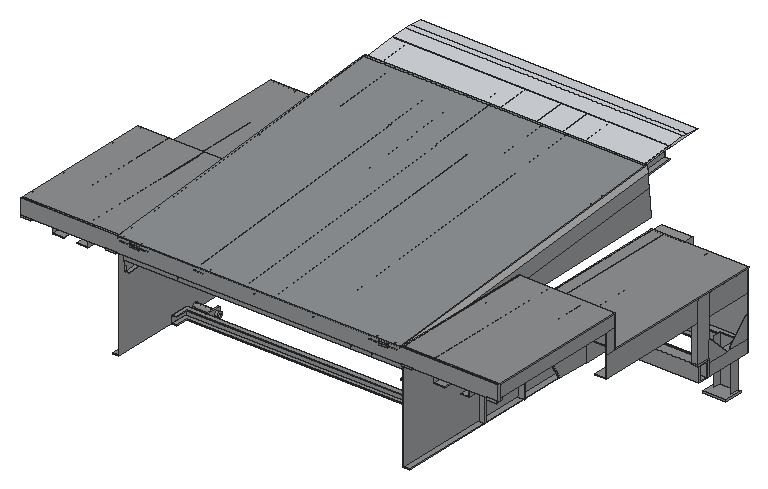
Revit family "ASSA_ABLOY_DockLeveler_DL6120STA", category Mechanical Equipment, Revit 2019
Family settings
  Round Connector Dimension = Use Diameter
  Classification = None
  Part Type = Normal
  Work Plane-Based = No
  Always vertical = Yes
  Cut with Voids When Loaded = No
  Shared = No
  Room Calculation Point = No
Parameters (values of type "DL6120STA_LipSteelLL500")
  WarningLipType [instance] = and(Tapered100OptionS, Tapered150OptionSS)  # no
  Tapered150OptionSS [instance] = no
  Tapered100OptionS [instance] = no
  SupportDistance [instance] = if(and(NominalWidth = 3300 mm, LevelerWidth = 2000 mm), 200 mm, if(and(NominalWidth = 3300 mm, LevelerWidth = 2200 mm), 250 mm, if(and(NominalWidth = 3500 mm, LevelerWidth = 2000 mm), 225 mm, if(and(NominalWidth = 3500 mm, LevelerWidth = 2200 mm), 210 mm, if(and(NominalWidth = 3600 mm, LevelerWidth = 2000 mm), 225 mm, 200 mm)))))  # 200 mm
  RubberBuffer [instance] = yes
  RestingPosition [instance] = no
  OptionForNominalWidth [instance] = "3300, 3500, 3600, 3750"  # constant formula
  OptionForLevelerWidth [instance] = "2000, 2200"  # constant formula
  OptionForDockHeight [instance] = "1100 To 1500, Every 50mm"  # constant formula
  NominalWidthWanted [instance] = 3750 mm
  NominalWidth [instance] = if(NominalWidthWanted < 3400 mm, 3300 mm, if(NominalWidthWanted < 3550 mm, 3500 mm, if(NominalWidthWanted < 3675 mm, 3600 mm, 3750 mm)))  # 3750 mm
  NominalLengthWanted [instance] = 2450 mm  # constant formula
  NominalLength [instance] = if(NominalLengthWanted < 2225 mm, 2000 mm, if(NominalLengthWanted < 2725 mm, 2450 mm, 3000 mm))  # 2450 mm
  LipType = DL6120STA_LevelerTop : DL6120STA_LipSteelLL500
  LipLocation [instance] = DockHeight - 8 mm  # 1092 mm
  LevelerWidthWanted [instance] = 2200 mm
  LevelerWidth [instance] = if(LevelerWidthWanted < 2100 mm, 2000 mm, 2200 mm)  # 2200 mm
  LevelerHeight [instance] = 850 mm  # constant formula
  LTwoUPNHeight [instance] = 400 mm  # constant formula
  LThirtyOne [instance] = if(and(NominalWidth = 3300 mm, LevelerWidth = 2000 mm), 535 mm, if(and(NominalWidth = 3300 mm, LevelerWidth = 2200 mm), 435 mm, if(and(NominalWidth = 3500 mm, LevelerWidth = 2000 mm), 635 mm, if(and(NominalWidth = 3500 mm, LevelerWidth = 2200 mm), 535 mm, if(and(NominalWidth = 3600 mm, LevelerWidth = 2000 mm), 685 mm, 585 mm)))))  # 585 mm
  LTen [instance] = if(LevelerWidth = 2000 mm, 360 mm, 400 mm)  # 400 mm
  LNine [instance] = if(LevelerWidth = 2000 mm, 873 mm, 973 mm)  # 973 mm
  LElevenHeight [instance] = 190 mm  # constant formula
  L1PlinthAngle [instance] = if(NominalLength = 2450 mm, 2480 mm, 3040 mm)  # 2480 mm
  L1Plinth [instance] = if(NominalLength = 2000 mm, 1860 mm, if(NominalLength = 2450 mm, 2300 mm, 2860 mm))  # 2300 mm
  Iron [instance] = Iron leveller
  InstallationAngleWanted [instance] = 45.00°
  InstallationAngleToBuilding [instance] = no
  InstallationAngleRight [instance] = if(InstallationAngle = 150.00°, 30.00°, if(InstallationAngle = 135.00°, 45.00°, if(InstallationAngle = 120.00°, 60.00°, if(InstallationAngle = 105.00°, 75.00°, 85.00°))))  # 85.00°
  InstallationAngleLeft [instance] = if(InstallationAngleWanted < 31.00°, 30.00°, if(InstallationAngleWanted < 46.00°, 45.00°, if(InstallationAngleWanted < 61.00°, 60.00°, if(InstallationAngleWanted < 76.00°, 75.00°, 85.00°))))  # 45.00°
  InstallationAngle [instance] = if(InstallationAngleWanted < 31.00°, 30.00°, if(InstallationAngleWanted < 46.00°, 45.00°, if(InstallationAngleWanted < 61.00°, 60.00°, if(InstallationAngleWanted < 76.00°, 75.00°, if(InstallationAngleWanted < 106.00°, 105.00°, if(InstallationAngleWanted < 121.00°, 120.00°, if(InstallationAngleWanted < 136.00°, 135.00°, if(InstallationAngleWanted < 136.00°, 135.00°, 90.00°))))))))  # 45.00°
  FrameCylinderSupportLocation [instance] = 745 mm  # constant formula
  ExtraSideSupport [instance] = NominalLength = 3000 mm  # no
  DockHeightWanted [instance] = 1100 mm
  DockHeight [instance] = if(DockHeightWanted < 1125 mm, 1100 mm, if(DockHeightWanted < 1175 mm, 1150 mm, if(DockHeightWanted < 1225 mm, 1200 mm, if(DockHeightWanted < 1275 mm, 1250 mm, if(DockHeightWanted < 1325 mm, 1300 mm, if(DockHeightWanted < 1325 mm, 1350 mm, if(DockHeightWanted < 1425 mm, 1400 mm, if(DockHeightWanted < 1475 mm, 1450 mm, 1500 mm))))))))  # 1100 mm
  DistanceSupport [instance] = 350 mm  # constant formula
  DistanceReferencePlaneAngle [instance] = if(InstallationAngleLeft = 90.00°, 0 mm, 20 mm)  # 20 mm
  DL6120STA_LipSteel500 = DL6120STA_LevelerTop : DL6120STA_LipSteelLL500
  DL6120STA_LipSteel1000 = DL6120STA_LevelerTop : DL6120STA_LipSteelLL1000
  DL6120STA_LipErgoSteel345 = DL6120STA_LevelerTop : DL6120STA_LipErgoSteelLL345
  CentreFront [instance] = (LElevenHeight + 120 mm - 5 mm)  # 305 mm
  BetweenPlinth [instance] = if(NominalWidth = 3300 mm, 2950 mm, if(NominalWidth = 3500 mm, 3150 mm, if(NominalWidth = 3600 mm, 3250 mm, 3400 mm)))  # 3400 mm
  BelowDeckLevel [instance] = not(AboveDeckLevel)  # no
  BSix [instance] = if(and(NominalWidth = 3300 mm, LevelerWidth = 2000 mm), 250 mm, if(and(NominalWidth = 3500 mm, LevelerWidth = 2000 mm), 280 mm, if(and(NominalWidth = 3500 mm, LevelerWidth = 2200 mm), 220 mm, if(and(NominalWidth = 3600 mm, LevelerWidth = 2000 mm), 280 mm, if(and(NominalWidth = 3600 mm, LevelerWidth = 2200 mm), 250 mm, if(and(NominalWidth = 3750 mm, LevelerWidth = 2000 mm), 320 mm, if(and(NominalWidth = 3750 mm, LevelerWidth = 2200 mm), 280 mm, 200 mm)))))))  # 280 mm
  BFive [instance] = if(and(NominalWidth = 3300 mm, LevelerWidth = 2000 mm), 200 mm, if(and(NominalWidth = 3300 mm, LevelerWidth = 2200 mm), 250 mm, if(and(NominalWidth = 3500 mm, LevelerWidth = 2000 mm), 225 mm, if(and(NominalWidth = 3500 mm, LevelerWidth = 2200 mm), 210 mm, if(and(NominalWidth = 3600 mm, LevelerWidth = 2000 mm), 225 mm, if(and(NominalWidth = 3600 mm, LevelerWidth = 2200 mm), 200 mm, if(and(NominalWidth = 3750 mm, LevelerWidth = 2000 mm), 280 mm, if(and(NominalWidth = 3750 mm, LevelerWidth = 2200 mm), 250 mm, 200 mm))))))))  # 250 mm
  AnglePlateRight [instance] = and(InstallationAngleToBuilding, InstallationAngle > 90.00°)  # no
  AnglePlateLeft [instance] = and(InstallationAngleToBuilding, InstallationAngle < 90.00°)  # no
  AboveDeckLevel [instance] = yes
Reference planes
  plane 1 "Front": y = 0
  plane 2 "Ground": z = 0
  plane 3 "Center (Left/Right)": x = 0
  plane 4: x = 1100
  plane 5: x = -1100
  plane 6 "Right": x = 1875
  plane 7 "Left": x = -1875
  plane 8 "Back": y = -2450
  plane 9: y = -2470
  plane 10: x = -1865
  plane 11: x = -1110
  plane 12: x = 1865
  plane 13: x = 1110
  plane 14: z = 380
  plane 15: y = -389
  plane 16: y = -489
  plane 17: x = 1865
  plane 18: x = 1110
  plane 19: x = -1865
  plane 20: x = -1110
  plane 21 "DoorHeight": z = 1100
  plane 22 "LevelerHeight": z = 250
  plane 23: z = 1094
  plane 24: y = -433
  plane 25: z = 12
  plane 26: y = -75
  plane 27: y = -2440
  plane 28: y = -1695
  plane 29: y = -2440
  plane 30: y = -2440
  plane 31: z = 282.5
  plane 32: y = -2440
  plane 33: z = 282.5
  plane 34: y = -2430
  plane 35: y = -2430
  plane 36: y = -2430
  plane 37: x = -1865
  plane 38: x = 1865
  plane 39: y = -2435
  plane 40: x = -1860
  plane 41: x = -1780
  plane 42: x = 1860
  plane 43: x = 1780
  plane 44: x = -1195
  plane 45: x = 1195
  plane 46: z = 1072.522
  plane 47: y = -2418.883
  plane 48: z = 1072.522
  plane 49: z = 1072.522
  plane 50: x = 950
  plane 51: z = 1072.522
  plane 52: x = -950
  plane 53: z = 1072.522
  plane 54: x = 991
  plane 55: z = 1072.543
  plane 56: x = -991
  plane 57: z = 1072.522
  plane 58: y = -1695
  plane 59: y = -2440
  plane 60: y = -1309
  plane 61: y = -1695
  plane 62: y = -1309
  plane 63: y = -2440
  plane 64: x = -1005.5
  plane 65: x = 1240.5
  plane 66: z = 725
  plane 67: z = 475
  plane 68: x = -1240.5
  plane 69: z = 725
  plane 70: z = 475
  plane 71: y = -150
  plane 72: x = 1700
  plane 73: x = -1700
  plane 74: x = -1350
  plane 75: x = -1640
  plane 76: x = 1640
  plane 77: x = -1350
  plane 78: x = -1630
  plane 79: x = 1630
  plane 80: x = 1350
  plane 81: y = -2630
  plane 82 "FrontLevelerHeight": z = 850
  plane 83: z = 844
  plane 84: z = 844
  plane 85: z = 844
  plane 86: z = 844
  plane 87: z = 674
  plane 88 "1300": y = -1300
  plane 89: x = -1865
  plane 90: x = -1110
  plane 91: x = 1865
  plane 92: x = 1110
  plane 93: y = -2440
  plane 94: y = -6
  plane 95: y = -2440
  plane 96: x = -1640
  plane 97: x = 1640
  plane 98: x = -1200
  plane 99: x = -1480
  plane 100: x = 1450
  plane 101: x = 1170
  plane 102: x = -1640
  plane 103: x = 1640
  plane 104: x = -1200
  plane 105: x = -1350
  plane 106: x = -1630
  plane 107: x = -1350
  plane 108: x = 1350
  plane 109: x = 1630
  plane 110: x = 1350
  plane 111: y = -1306
  plane 112: y = -1306
  plane 113: x = 1106
  plane 114: y = -489
  plane 115: x = -1859
  plane 116: x = -1110
  plane 117: x = 1859
  plane 118: x = 1110
  plane 119: y = -2430
  plane 120: z = 1474.217
Forms (mm)
  Extrusion 1, solid, material "Iron leveller" <- "Iron", visible <- "AnglePlateLeft"
    sketch origin (0, 0, 0) x (1, 0, 0) y (0, 1, 0)
      loop
        line (-1875, -2470) -> (1875, -6220) -> (1875, -2470) -> (-1875, -2470)
    from 1094 to 1100
  Sweep 2, solid, material "Iron leveller" <- "Iron"
    path origin (0, 0, 0) x (1, 0, 0) y (0, 1, 0)
      loop
        line (-1100, -1300) -> (-1100, -2430)
    profile origin (-1100, -1865, 0) x (1, 0, 0) y (0, 0, 1)
      loop
        line (-765, 1100) -> (-765, 1094) -> (-10, 1094) -> (-10, 1100) -> (-765, 1100)
      loop
        line (2210, 1100) -> (2210, 1094) -> (2965, 1094) -> (2965, 1100) -> (2210, 1100)
  Sweep 3, solid, material "Iron leveller" <- "Iron"
    path origin (0, 0, 0) x (1, 0, 0) y (0, 1, 0)
      loop
        line (0, -1300) -> (0, -2430)
    profile origin (0, -1865, 0) x (1, 0, 0) y (0, 0, 1)
      loop
        line (1110, 1094) -> (1110, 250) -> (1160, 250) -> (1160, 254) -> (1114, 254) -> (1114, 1094) -> (1110, 1094)
      loop
        line (-1110, 1094) -> (-1114, 1094) -> (-1114, 254) -> (-1160, 254) -> (-1160, 250) -> (-1110, 250) -> (-1110, 1094)
  Sweep 4, solid, material "Iron leveller" <- "Iron"
    path origin (0, 0, 0) x (1, 0, 0) y (0, 0, 1)
      loop
        line (0, 844) -> (0, 380)
    profile origin (0, 0, 612) x (0, -1, 0) y (1, 0, 0)
      loop
        line (389, 1110) -> (489, 1110) -> (489, 1160) -> (483, 1160) -> (483, 1116) -> (395, 1116) -> (395, 1160) -> (389, 1160) -> (389, 1110)
      loop
        line (389, 1865) -> (389, 1815) -> (395, 1815) -> (395, 1859) -> (483, 1859) -> (483, 1815) -> (489, 1815) -> (489, 1865) -> (389, 1865)
      loop
        line (389, -1110) -> (389, -1160) -> (395, -1160) -> (395, -1116) -> (483, -1116) -> (483, -1160) -> (489, -1160) -> (489, -1110) -> (389, -1110)
      loop
        line (389, -1865) -> (489, -1865) -> (489, -1815) -> (483, -1815) -> (483, -1859) -> (395, -1859) -> (395, -1815) -> (389, -1815) -> (389, -1865)
  Sweep 5, solid, material "Iron leveller" <- "Iron"
    path origin (0, 0, 0) x (1, 0, 0) y (0, 0, 1)
      loop
        line (-1865, 250) -> (1865, 250)
    profile origin (0, 0, 250) x (0, 0, 1) y (0, -1, 0)
      loop
        line (120, 399) -> (120, 479) -> (0, 479) -> (0, 399) -> (120, 399)
      loop
        line (115, 404) -> (115, 474) -> (5, 474) -> (5, 404) -> (115, 404)
  Sweep 6, solid, material "Iron leveller" <- "Iron"
    path origin (0, 0, 0) x (0, 1, 0) y (0, 0, 1)
      loop
        line (-433, 380) -> (-433, 370)
    profile origin (0, -433, 375) x (1, 0, 0) y (0, 1, 0)
      loop
        line (-1865, 44) -> (-1865, -56) -> (-1815, -56) -> (-1815, 44) -> (-1865, 44)
      loop
        line (-1160, 44) -> (-1160, -56) -> (-1110, -56) -> (-1110, 44) -> (-1160, 44)
      loop
        line (1110, 44) -> (1110, -56) -> (1160, -56) -> (1160, 44) -> (1110, 44)
      loop
        line (1815, 44) -> (1815, -56) -> (1865, -56) -> (1865, 44) -> (1815, 44)
  Sweep 7, solid, material "Iron leveller" <- "Iron"
    path origin (0, 0, 0) x (1, 0, 0) y (0, 0, 1)
      loop
        line (0, 844) -> (0, 250)
    profile origin (0, 0, 547) x (0, -1, 0) y (1, 0, 0)
      loop
        line (6, -1865) -> (6, -1110) -> (0, -1110) -> (0, -1865) -> (6, -1865)
      loop
        line (6, 1110) -> (6, 1865) -> (0, 1865) -> (0, 1110) -> (6, 1110)
  Sweep 8, solid, material "Iron leveller" <- "Iron"
    path origin (0, 0, 0) x (0, 1, 0) y (0, 0, 1)
      loop
        line (-6, 250) -> (-389, 250)
    profile origin (0, -197.5, 250) x (0, 0, -1) y (1, 0, 0)
      loop
        line (0, -1865) -> (0, -1815) -> (-6, -1815) -> (-6, -1859) -> (-94, -1859) -> (-94, -1815) -> (-100, -1815) -> (-100, -1865) -> (0, -1865)
      loop
        line (0, 1865) -> (-100, 1865) -> (-100, 1815) -> (-94, 1815) -> (-94, 1859) -> (-6, 1859) -> (-6, 1815) -> (0, 1815) -> (0, 1865)
      loop
        line (0, -1110) -> (-100, -1110) -> (-100, -1160) -> (-94, -1160) -> (-94, -1116) -> (-6, -1116) -> (-6, -1160) -> (0, -1160) -> (0, -1110)
      loop
        line (0, 1110) -> (0, 1160) -> (-6, 1160) -> (-6, 1116) -> (-94, 1116) -> (-94, 1160) -> (-100, 1160) -> (-100, 1110) -> (0, 1110)
  Sweep 9, solid, material "Iron leveller" <- "Iron"
    path origin (0, 0, 0) x (1, 0, 0) y (0, 0, 1)
      loop
        line (-1815, 250) -> (-1160, 250)
    profile origin (-1487.5, 0, 250) x (0, 0, 1) y (0, -1, 0)
      loop
        line (100, 6) -> (100, 62) -> (94, 62) -> (94, 12) -> (6, 12) -> (6, 62) -> (0, 62) -> (0, 6) -> (100, 6)
  Sweep 10, solid, material "Iron leveller" <- "Iron"
    path origin (0, 0, 0) x (-1, 0, 0) y (0, 0, 1)
      loop
        line (-1815, 250) -> (-1160, 250)
    profile origin (1487.5, 0, 250) x (0, 0, -1) y (0, -1, 0)
      loop
        line (-100, 12) -> (0, 12) -> (0, 62) -> (-6, 62) -> (-6, 18) -> (-94, 18) -> (-94, 62) -> (-100, 62) -> (-100, 12)
  Sweep 11, solid, material "Iron leveller" <- "Iron"
    path origin (0, 0, 0) x (0, 1, 0) y (0, 0, 1)
      loop
        line (-6, 844) -> (-6, 350)
    profile origin (0, -6, 597) x (1, 0, 0) y (0, 1, 0)
      loop
        line (1110, 0) -> (1110, -100) -> (1160, -100) -> (1160, -94) -> (1116, -94) -> (1116, -6) -> (1160, -6) -> (1160, 0) -> (1110, 0)
      loop
        line (-1110, 0) -> (-1160, 0) -> (-1160, -6) -> (-1116, -6) -> (-1116, -94) -> (-1160, -94) -> (-1160, -100) -> (-1110, -100) -> (-1110, 0)
  Sweep 12, solid, material "Iron leveller" <- "Iron"
    path origin (0, 0, 0) x (0, 1, 0) y (0, 0, 1)
      loop
        line (-106, 1094) -> (-389, 1094)
    profile origin (0, -247.5, 1094) x (0, 0, -1) y (1, 0, 0)
      loop
        line (250, 1110) -> (420, 1110) -> (420, 1200) -> (417, 1200) -> (417, 1113) -> (250, 1113) -> (250, 1110)
      loop
        line (250, -1110) -> (250, -1113) -> (417, -1113) -> (417, -1200) -> (420, -1200) -> (420, -1110) -> (250, -1110)
  Sweep 13, solid, material "Iron leveller" <- "Iron"
    path origin (0, 0, 0) x (0, 1, 0) y (0, 0, 1)
      loop
        line (-389, 924) -> (-106, 924)
    profile origin (0, -247.5, 924) x (0, 0, 1) y (1, 0, 0)
      loop
        line (-250, 1110) -> (-250, 1116) -> (-574, 1116) -> (-574, 1110) -> (-250, 1110)
      loop
        line (-250, -1110) -> (-574, -1110) -> (-574, -1116) -> (-250, -1116) -> (-250, -1110)
  Sweep 14, solid, material "Iron leveller" <- "Iron"
    path origin (0, 0, 0) x (1, 0, 0) y (0, 1, 0)
      loop
        line (-1100, -399) -> (-1100, -389)
    profile origin (-1100, -394, 0) x (-1, 0, 0) y (0, 0, 1)
      loop
        line (-2210, 250) -> (-2210, 370) -> (-2965, 370) -> (-2965, 250) -> (-2210, 250)
      loop
        line (10, 250) -> (765, 250) -> (765, 370) -> (10, 370) -> (10, 250)
  Sweep 15, solid, material "Iron leveller" <- "Iron"
    path origin (0, 0, 0) x (0, 1, 0) y (0, 0, 1)
      loop
        line (-6, 1094) -> (-389, 1094)
    profile origin (0, -197.5, 1094) x (0, 0, -1) y (1, 0, 0)
      loop
        line (250, -1865) -> (420, -1865) -> (420, -1775) -> (417, -1775) -> (417, -1862) -> (250, -1862) -> (250, -1865)
      loop
        line (250, 1865) -> (250, 1862) -> (417, 1862) -> (417, 1775) -> (420, 1775) -> (420, 1865) -> (250, 1865)
  Sweep 16, solid, material "Iron leveller" <- "Iron"
    path origin (0, 0, 0) x (0, 1, 0) y (0, 0, 1)
      loop
        line (-1306, 1094) -> (-2430, 1094)
    profile origin (0, -1868, 1094) x (0, 0, -1) y (1, 0, 0)
      loop
        line (0, -1350) -> (0, -1353) -> (167, -1353) -> (167, -1440) -> (170, -1440) -> (170, -1350) -> (0, -1350)
      loop
        line (0, 1350) -> (170, 1350) -> (170, 1440) -> (167, 1440) -> (167, 1353) -> (0, 1353) -> (0, 1350)
  Sweep 17, solid, material "Iron leveller" <- "Iron"
    path origin (0, 0, 0) x (1, 0, 0) y (0, 0, 1)
      loop
        line (0, 12) -> (0, 370)
    profile origin (0, 0, 191) x (-1, 0, 0) y (0, -1, 0)
      loop
        line (1840, 75) -> (1840, 135) -> (1834, 135) -> (1834, 81) -> (1706, 81) -> (1706, 135) -> (1700, 135) -> (1700, 75) -> (1840, 75)
      loop
        line (-1700, 75) -> (-1700, 135) -> (-1706, 135) -> (-1706, 81) -> (-1834, 81) -> (-1834, 135) -> (-1840, 135) -> (-1840, 75) -> (-1700, 75)
  Sweep 18, solid, material "Iron leveller" <- "Iron"
    path origin (0, 0, 0) x (1, 0, 0) y (0, 0, 1)
      loop
        line (-1675, 12) -> (-1675, 0)
    profile origin (-1675, 0, 6) x (0, -1, 0) y (1, 0, 0)
      loop
        line (65, -185) -> (215, -185) -> (215, -5) -> (65, -5) -> (65, -185)
      loop
        line (65, 3355) -> (215, 3355) -> (215, 3535) -> (65, 3535) -> (65, 3355)
  Sweep 19, solid, material "Iron leveller" <- "Iron"
    path origin (0, 0, 250) x (-1, 0, 0) y (0, -1, 0)
      loop
        line (1110, 1695) -> (-1110, 1695)
    profile origin (0, -1695, 250) x (0, 1, 0) y (0, 0, 1)
      loop
        line (-80, 0) -> (-80, 65) -> (-122, 65) -> (-122, 60) -> (-85, 60) -> (-85, 5) -> (-122, 5) -> (-122, 0) -> (-80, 0)
  Sweep 20, solid, material "Iron leveller" <- "Iron"
    path origin (0, 0, 250) x (-1, 0, 0) y (0, -1, 0)
      loop
        line (-985, 1775) -> (-985, 1915)
    profile origin (985, -1845, 250) x (1, 0, 0) y (0, 0, 1)
      loop
        line (125, 65) -> (83, 65) -> (83, 60) -> (120, 60) -> (120, 5) -> (83, 5) -> (83, 0) -> (125, 0) -> (125, 65)
      loop
        line (-2095, 65) -> (-2095, 0) -> (-2053, 0) -> (-2053, 5) -> (-2090, 5) -> (-2090, 60) -> (-2053, 60) -> (-2053, 65) -> (-2095, 65)
  Sweep 21, solid, material "Iron leveller" <- "Iron"
    path origin (0, 0, 250) x (-1, 0, 0) y (0, -1, 0)
      loop
        line (1040, 1775) -> (1040, 1655)
    profile origin (-1040, -1715, 250) x (-1, 0, 0) y (0, 0, 1)
      loop
        line (-85, 0) -> (-85, 65) -> (-100, 65) -> (-100, 0) -> (-85, 0)
      loop
        line (-1995, 0) -> (-1980, 0) -> (-1980, 65) -> (-1995, 65) -> (-1995, 0)
  Sweep 22, solid, material "Iron leveller" <- "Iron"
    path origin (0, 0, 250) x (-1, 0, 0) y (0, -1, 0)
      loop
        line (1110, 1695) -> (910, 1695)
    profile origin (-1010, -1695, 250) x (0, 1, 0) y (0, 0, 1)
      loop
        circle (0, 32.5) r 22.25
      loop
        circle (0, 32.5) r 17.25
  Sweep 23, solid, material "Iron leveller" <- "Iron"
    path origin (0, 0, 250) x (1, 0, 0) y (0, -1, 0)
      loop
        line (1110, 1695) -> (910, 1695)
    profile origin (1010, -1695, 250) x (0, -1, 0) y (0, 0, 1)
      loop
        circle (0, 32.5) r 22.25
      loop
        circle (0, 32.5) r 17.25
  Sweep 24, solid, material "Iron leveller" <- "Iron"
    path origin (0, 0, 250) x (-1, 0, 0) y (0, -1, 0)
      loop
        line (1865, 197.5) -> (1859, 197.5)
    profile origin (-1862, -197.5, 250) x (0, 1, 0) y (0, 0, 1)
      loop
        line (191.5, 100) -> (191.5, 265) -> (176.5, 265) -> (26.5, 115) -> (26.5, 100) -> (191.5, 100)
      loop
        line (-191.5, 100) -> (-26.5, 100) -> (-26.5, 115) -> (-176.5, 265) -> (-191.5, 265) -> (-191.5, 100)
  Sweep 25, solid, material "Iron leveller" <- "Iron"
    path origin (0, 0, 250) x (1, 0, 0) y (0, -1, 0)
      loop
        line (1865, 197.5) -> (1859, 197.5)
    profile origin (1862, -197.5, 250) x (0, -1, 0) y (0, 0, 1)
      loop
        line (-191.5, 100) -> (-26.5, 100) -> (-26.5, 115) -> (-176.5, 265) -> (-191.5, 265) -> (-191.5, 100)
      loop
        line (191.5, 100) -> (191.5, 265) -> (176.5, 265) -> (26.5, 115) -> (26.5, 100) -> (191.5, 100)
  Sweep 26, solid, material "WarningMark"
    path origin (0, 0, 1100) x (-1, 0, 0) y (0, -1, 0)
      loop
        line (1110, 1290) -> (1110, 2430)
    profile origin (-1110, -1860, 1100) x (1, 0, 0) y (0, 0, 1)
      loop
        line (0, 0) -> (0, -50) -> (1, -50) -> (1, 0) -> (0, 0)
      loop
        line (2220, 0) -> (2219, 0) -> (2219, -50) -> (2220, -50) -> (2220, 0)
  Sweep 27, solid, material "Iron leveller" <- "Iron"
    path origin (0, 0, 1100) x (-1, 0, 0) y (0, -1, 0)
      loop
        line (1865, 2450) -> (-1865, 2450)
    profile origin (0, -2450, 1100) x (0, 1, 0) y (0, 0, 1)
      loop
        line (0, 0) -> (0, -120) -> (20, -120) -> (20, 0) -> (0, 0)
  Sweep 28, solid, material "Iron leveller" <- "Iron"
    path origin (0, 0, 0) x (0, 1, 0) y (0, 0, 1)
      loop
        line (-2450, 970) -> (-2450, 985)
    profile origin (0, -2450, 977.5) x (0, -1, 0) y (1, 0, 0)
      loop
        line (0, -1860) -> (0, -1780) -> (-50, -1780) -> (-50, -1860) -> (0, -1860)
      loop
        line (0, 1860) -> (-50, 1860) -> (-50, 1780) -> (0, 1780) -> (0, 1860)
      loop
        line (0, -1195) -> (0, -1115) -> (-50, -1115) -> (-50, -1195) -> (0, -1195)
      loop
        line (0, 1195) -> (-50, 1195) -> (-50, 1115) -> (0, 1115) -> (0, 1195)
  Sweep 29, solid, material "Iron leveller" <- "Iron"
    path origin (0, 0, 1100) x (-1, 0, 0) y (0, -1, 0)
      loop
        line (61, 2418) -> (-61, 2418)
    profile origin (0, -2418, 1100) x (0, 1, 0) y (0, 0, 1)
      loop
        circle (-0.883, -27.478) r 21
  Sweep 30, solid, material "Iron leveller" <- "Iron"
    path origin (0, 0, 1100) x (-1, 0, 0) y (0, -1, 0)
      loop
        line (-400, 2418.883) -> (-522, 2418.883)
    profile origin (461, -2418.883, 1100) x (0, 1, 0) y (0, 0, 1)
      loop
        circle (0, -27.478) r 21
  Sweep 31, solid, material "Iron leveller" <- "Iron"
    path origin (0, 0, 1100) x (1, 0, 0) y (0, -1, 0)
      loop
        line (-400, 2418.883) -> (-522, 2418.883)
    profile origin (-461, -2418.883, 1100) x (0, -1, 0) y (0, 0, 1)
      loop
        circle (0, -27.478) r 21
  Sweep 32, solid, material "Iron leveller" <- "Iron"
    path origin (0, 0, 1100) x (-1, 0, 0) y (0, -1, 0)
      loop
        line (-882, 2418.883) -> (-950, 2418.883)
    profile origin (916, -2418.883, 1100) x (0, 1, 0) y (0, 0, 1)
      loop
        circle (0, -27.478) r 13
      loop
        circle (0, -27.478) r 21
  Sweep 33, solid, material "Iron leveller" <- "Iron"
    path origin (0, 0, 1100) x (1, 0, 0) y (0, -1, 0)
      loop
        line (-882, 2418.883) -> (-950, 2418.883)
    profile origin (-916, -2418.883, 1100) x (0, -1, 0) y (0, 0, 1)
      loop
        circle (0, -27.478) r 13
      loop
        circle (0, -27.478) r 21
  Sweep 34, solid, material "Iron leveller" <- "Iron"
    path origin (141, 0, 1100) x (-1, 0, 0) y (0, -1, 0)
      loop
        line (-882, 2418.883) -> (-950, 2418.883)
    profile origin (1057, -2418.883, 1100) x (0, 1, 0) y (0, 0, 1)
      loop
        circle (0, -27.457) r 13
      loop
        circle (0, -27.457) r 21
  Sweep 35, solid, material "Iron leveller" <- "Iron"
    path origin (-141, 0, 1100) x (1, 0, 0) y (0, -1, 0)
      loop
        line (-882, 2418.883) -> (-950, 2418.883)
    profile origin (-1057, -2418.883, 1100) x (0, -1, 0) y (0, 0, 1)
      loop
        circle (0, -27.478) r 13
      loop
        circle (0, -27.478) r 21
  Sweep 36, solid, material "Iron leveller" <- "Iron"
    path origin (0, 0, 1100) x (-1, 0, 0) y (0, -1, 0)
      loop
        line (1092, 2430) -> (881, 2430)
    profile origin (-986.5, -2430, 1100) x (0, 1, 0) y (0, 0, 1)
      loop
        line (-10, -48.478) -> (-10, -73.478) -> (15, -73.478) -> (15, -48.478) -> (-10, -48.478)
  Sweep 37, solid, material "Iron leveller" <- "Iron"
    path origin (0, 0, 1100) x (1, 0, 0) y (0, -1, 0)
      loop
        line (1092, 2430) -> (881, 2430)
    profile origin (986.5, -2430, 1100) x (0, -1, 0) y (0, 0, 1)
      loop
        line (10, -48.478) -> (-15, -48.478) -> (-15, -73.478) -> (10, -73.478) -> (10, -48.478)
  Sweep 38, solid, material "Iron leveller" <- "Iron"
    path origin (0, 0, 1100) x (-1, 0, 0) y (0, -1, 0)
      loop
        line (1114, 722.355) -> (1164, 722.355)
    profile origin (-1139, -722.355, 1100) x (0, -1, 0) y (0, 0, 1)
      loop
        line (969.645, -6) -> (969.645, -846) -> (975.645, -846) -> (975.645, -6) -> (969.645, -6)
      loop
        line (589.645, -6) -> (583.645, -6) -> (583.645, -846) -> (589.645, -846) -> (589.645, -6)
  Sweep 39, solid, material "Iron leveller" <- "Iron"
    path origin (0, 0, 1100) x (1, 0, 0) y (0, -1, 0)
      loop
        line (1114, 722.355) -> (1164, 722.355)
    profile origin (1139, -722.355, 1100) x (0, 1, 0) y (0, 0, 1)
      loop
        line (-969.645, -6) -> (-975.645, -6) -> (-975.645, -846) -> (-969.645, -846) -> (-969.645, -6)
      loop
        line (-589.645, -6) -> (-589.645, -846) -> (-583.645, -846) -> (-583.645, -6) -> (-589.645, -6)
  Sweep 40, solid, material "Iron leveller" <- "Iron"
    path origin (0, 0, 0) x (1, 0, 0) y (0, 0, 1)
      loop
        line (-1665, 844) -> (-1665, 350)
    profile origin (-1665, 0, 597) x (0, -1, 0) y (1, 0, 0)
      loop
        line (6, 0) -> (6, -6.013) -> (56, -6.013) -> (56, 0) -> (6, 0)
      loop
        line (6, 321.013) -> (6, 315) -> (56, 315) -> (56, 321.013) -> (6, 321.013)
      loop
        line (6, 3015) -> (6, 3008.987) -> (56, 3008.987) -> (56, 3015) -> (6, 3015)
      loop
        line (6, 3222.606) -> (6, 3216.593) -> (56, 3216.593) -> (56, 3222.606) -> (6, 3222.606)
  Sweep 41, solid, material "Iron leveller" <- "Iron"
    path origin (0, 0, 0) x (0, 1, 0) y (0, 0, 1)
      loop
        line (-469, 370) -> (-469, 560)
    profile origin (0, -469, 465) x (0, -1, 0) y (1, 0, 0)
      loop
        line (0, -1032.5) -> (-36.5, -1032.5) -> (-36.5, -978.5) -> (0, -978.5) -> (0, -973) -> (-42, -973) -> (-42, -1038) -> (0, -1038) -> (0, -1032.5)
      loop
        line (0, 1032.5) -> (0, 1038) -> (-42, 1038) -> (-42, 973) -> (0, 973) -> (0, 978.5) -> (-36.5, 978.5) -> (-36.5, 1032.5) -> (0, 1032.5)
  Sweep 42, solid, material "Iron leveller" <- "Iron"
    path origin (0, 0, 0) x (0, 1, 0) y (0, 0, 1)
      loop
        line (-459, 560) -> (-459, 570)
    profile origin (0, -459, 565) x (0, -1, 0) y (1, 0, 0)
      loop
        line (-30, -1038) -> (10, -1038) -> (10, -973) -> (-30, -973) -> (-30, -1038)
      loop
        line (-30, 1038) -> (-30, 973) -> (10, 973) -> (10, 1038) -> (-30, 1038)
  SweptBlend 43, solid, material "Black Rubber", visible <- "RubberBuffer"
    path origin (0, 0, 360) x (-1, 0, 0) y (0, -1, 0)
      loop
        line (1110, 0) -> (1110, -90)
    profile origin (-1110, 0, 360) x (-1, 0, 0) y (0, 0, 1)
      loop
        line (5.5, 490) -> (5.5, -10) -> (255.5, -10) -> (255.5, 490) -> (5.5, 490)
    end profile origin (-1110, 90, 360) x (-1, 0, 0) y (0, 0, 1)
      loop
        line (250.5, 485) -> (10.5, 485) -> (10.5, -5) -> (250.5, -5) -> (250.5, 485)
  SweptBlend 44, solid, material "Black Rubber", visible <- "RubberBuffer"
    path origin (0, 0, 360) x (1, 0, 0) y (0, -1, 0)
      loop
        line (1110, 0) -> (1110, -90)
    profile origin (1110, 0, 360) x (-1, 0, 0) y (0, 0, 1)
      loop
        line (-5.5, 490) -> (-255.5, 490) -> (-255.5, -10) -> (-5.5, -10) -> (-5.5, 490)
    end profile origin (1110, 90, 360) x (-1, 0, 0) y (0, 0, 1)
      loop
        line (-250.5, 485) -> (-250.5, -5) -> (-10.5, -5) -> (-10.5, 485) -> (-250.5, 485)
  Extrusion 45, void
    sketch origin (0, 0, 0) x (1, 0, 0) y (0, 0, 1)
      loop
        circle (1240.5, 725) r 31
      loop
        circle (1240.5, 475) r 31
    from -90 to -30.454
  Extrusion 46, void
    sketch origin (0, 0, 0) x (-1, 0, 0) y (0, 0, -1)
      loop
        circle (1240.5, -725) r 31
      loop
        circle (1240.5, -475) r 31
    from -90 to -30.454
  Sweep 47, solid, material "Iron leveller" <- "Iron"
    path origin (0, 0, 0) x (0, 1, 0) y (0, 0, 1)
      loop
        line (-1306, 1094) -> (-2430, 1094)
    profile origin (0, -1868, 1094) x (0, 0, -1) y (1, 0, 0)
      loop
        line (0, -1630) -> (170, -1630) -> (170, -1540) -> (167, -1540) -> (167, -1627) -> (0, -1627) -> (0, -1630)
      loop
        line (0, 1630) -> (0, 1627) -> (167, 1627) -> (167, 1565) -> (170, 1565) -> (170, 1630) -> (0, 1630)
  Sweep 48, solid, material "Iron leveller" <- "Iron", visible <- "AnglePlateLeft"
    path origin (0, 0, 1100) x (-1, 0, 0) y (0, -1, 0)
      loop
        line (-1875, 6220) -> (-1875, 2470)
    profile origin (1875, -4345, 1100) x (-1, 0, 0) y (0, 0, 1)
      loop
        line (10, -6) -> (10, -176) -> (100, -176) -> (100, -173) -> (13, -173) -> (13, -6) -> (10, -6)
  Sweep 49, solid, material "Iron leveller" <- "Iron", visible <- "AnglePlateLeft"
    path origin (0, 0, 0) x (1, 0, 0) y (0, 0, 1)
      loop
        line (1835, 0) -> (1835, 12)
    profile origin (1835, 0, 6) x (-1, 0, 0) y (0, -1, 0)
      loop
        line (-25, 2555) -> (155, 2555) -> (155, 2705) -> (-25, 2705) -> (-25, 2555)
  Sweep 50, solid, material "Iron leveller" <- "Iron", visible <- "AnglePlateLeft"
    path origin (0, 0, 0) x (1, 0, 0) y (0, 0, 1)
      loop
        line (1800, 12) -> (1800, 1094)
    profile origin (1800, 0, 553) x (-1, 0, 0) y (0, -1, 0)
      loop
        line (-40, 2565) -> (100, 2565) -> (100, 2625) -> (94, 2625) -> (94, 2571) -> (-34, 2571) -> (-34, 2625) -> (-40, 2625) -> (-40, 2565)
  Sweep 51, solid, material "Iron leveller" <- "Iron"
    path origin (0, 0, 0) x (1, 0, 0) y (0, 1, 0)
      loop
        line (-1100, 0) -> (-1100, -1300)
    profile origin (-1100, -650, 0) x (1, 0, 0) y (0, 0, 1)
      loop
        line (-765, 850) -> (-765, 844) -> (-10, 844) -> (-10, 850) -> (-765, 850)
      loop
        line (2210, 850) -> (2210, 844) -> (2965, 844) -> (2965, 850) -> (2210, 850)
  Sweep 52, solid, material "Iron leveller" <- "Iron"
    path origin (0, 0, 0) x (0, 1, 0) y (0, 0, 1)
      loop
        line (-489, 844) -> (-1300, 844)
    profile origin (0, -894.5, 844) x (0, 0, -1) y (1, 0, 0)
      loop
        line (0, -1640) -> (170, -1640) -> (170, -1550) -> (167, -1550) -> (167, -1637) -> (0, -1637) -> (0, -1640)
      loop
        line (0, 1640) -> (0, 1637) -> (167, 1637) -> (167, 1550) -> (170, 1550) -> (170, 1640) -> (0, 1640)
  Sweep 53, solid, material "Iron leveller" <- "Iron"
    path origin (0, 0, 0) x (0, 1, 0) y (0, 0, 1)
      loop
        line (-6, 844) -> (-1300, 844)
    profile origin (0, -653, 844) x (0, 0, -1) y (1, 0, 0)
      loop
        line (0, -1480) -> (170, -1480) -> (170, -1390) -> (167, -1390) -> (167, -1477) -> (0, -1477) -> (0, -1480)
      loop
        line (0, 1450) -> (0, 1447) -> (167, 1447) -> (167, 1385) -> (170, 1385) -> (170, 1450) -> (0, 1450)
  Sweep 54, solid, material "Iron leveller" <- "Iron"
    path origin (0, 0, 0) x (0, 1, 0) y (0, 0, 1)
      loop
        line (-6, 844) -> (-1300, 844)
    profile origin (0, -653, 844) x (0, 0, -1) y (1, 0, 0)
      loop
        line (0, -1200) -> (0, -1203) -> (167, -1203) -> (167, -1290) -> (170, -1290) -> (170, -1200) -> (0, -1200)
      loop
        line (0, 1200) -> (170, 1200) -> (170, 1290) -> (167, 1290) -> (167, 1203) -> (0, 1203) -> (0, 1200)
  Sweep 55, solid, material "WarningMark"
    path origin (0, 0, 1100) x (-1, 0, 0) y (0, -1, 0)
      loop
        line (1010, 0) -> (1010, 1300)
    profile origin (-1010, -650, 1100) x (1, 0, 0) y (0, 0, 1)
      loop
        line (-100, -250) -> (-100, -300) -> (-99, -300) -> (-99, -250) -> (-100, -250)
      loop
        line (2120, -250) -> (2119, -250) -> (2119, -300) -> (2120, -300) -> (2120, -250)
  Sweep 56, solid, material "Iron leveller" <- "Iron"
    path origin (0, 0, 0) x (1, 0, 0) y (0, 1, 0)
      loop
        line (0, -489) -> (0, -1300)
    profile origin (0, -894.5, 0) x (1, 0, 0) y (0, 0, 1)
      loop
        line (1110, 844) -> (1110, 250) -> (1160, 250) -> (1160, 254) -> (1114, 254) -> (1114, 844) -> (1110, 844)
      loop
        line (-1110, 844) -> (-1114, 844) -> (-1114, 254) -> (-1160, 254) -> (-1160, 250) -> (-1110, 250) -> (-1110, 844)
  Sweep 57, solid, material "Iron leveller" <- "Iron"
    path origin (0, 0, 0) x (1, 0, 0) y (0, 0, 1)
      loop
        line (-1630, 1094) -> (-1636, 1094)
    profile origin (-1633, 0, 1094) x (0, 0, -1) y (0, -1, 0)
      loop
        line (0, 1356) -> (50, 1306) -> (420, 1306) -> (420, 1556) -> (170, 1706) -> (0, 1706) -> (0, 1356)
  Sweep 58, solid, material "Iron leveller" <- "Iron"
    path origin (0, 0, 0) x (1, 0, 0) y (0, 0, 1)
      loop
        line (-1344, 1094) -> (-1350, 1094)
    profile origin (-1347, 0, 1094) x (0, 0, -1) y (0, -1, 0)
      loop
        line (0, 1356) -> (50, 1306) -> (420, 1306) -> (420, 1556) -> (170, 1706) -> (0, 1706) -> (0, 1356)
  Sweep 59, solid, material "Iron leveller" <- "Iron"
    path origin (0, 0, 0) x (-1, 0, 0) y (0, 0, 1)
      loop
        line (-1630, 1094) -> (-1636, 1094)
    profile origin (1633, 0, 1094) x (0, 0, 1) y (0, -1, 0)
      loop
        line (0, 1356) -> (0, 1706) -> (-170, 1706) -> (-420, 1556) -> (-420, 1306) -> (-50, 1306) -> (0, 1356)
  Sweep 60, solid, material "Iron leveller" <- "Iron"
    path origin (0, 0, 0) x (-1, 0, 0) y (0, 0, 1)
      loop
        line (-1344, 1094) -> (-1350, 1094)
    profile origin (1347, 0, 1094) x (0, 0, 1) y (0, -1, 0)
      loop
        line (0, 1356) -> (0, 1706) -> (-170, 1706) -> (-420, 1556) -> (-420, 1306) -> (-50, 1306) -> (0, 1356)
  Sweep 61, solid, material "Iron leveller" <- "Iron"
    path origin (0, 0, 0) x (0, 1, 0) y (0, 0, 1)
      loop
        line (-1300, 1108) -> (-1306, 1108)
    profile origin (0, -1303, 1108) x (0, 0, -1) y (1, 0, 0)
      loop
        line (14, 1114) -> (258, 1114) -> (258, 1865) -> (14, 1865) -> (14, 1114)
      loop
        line (14, -1114) -> (14, -1865) -> (258, -1865) -> (258, -1114) -> (14, -1114)
  Sweep 62, solid, material "WarningMark"
    path origin (0, 0, 1100) x (-1, 0, 0) y (0, -1, 0)
      loop
        line (1110, 1235.864) -> (1109, 1235.864)
    profile origin (-1109.5, -1235.864, 1100) x (0, 1, 0) y (0, 0, 1)
      loop
        line (-54.136, -300) -> (-54.136, -50) -> (-104.136, -50) -> (-104.136, -300) -> (-54.136, -300)
  Sweep 63, solid, material "WarningMark"
    path origin (0, 0, 1100) x (1, 0, 0) y (0, -1, 0)
      loop
        line (1110, 1235.864) -> (1109, 1235.864)
    profile origin (1109.5, -1235.864, 1100) x (0, -1, 0) y (0, 0, 1)
      loop
        line (54.136, -300) -> (104.136, -300) -> (104.136, -50) -> (54.136, -50) -> (54.136, -300)
  Sweep 64, solid, material "Iron leveller" <- "Iron"
    path origin (0, 0, 0) x (0, 1, 0) y (0, 0, 1)
      loop
        line (-489, 1094) -> (-1386, 1094)
    profile origin (0, -937.5, 1094) x (0, 0, -1) y (1, 0, 0)
      loop
        line (250, -1865) -> (420, -1865) -> (420, -1775) -> (417, -1775) -> (417, -1862) -> (250, -1862) -> (250, -1865)
      loop
        line (250, 1865) -> (250, 1862) -> (417, 1862) -> (417, 1775) -> (420, 1775) -> (420, 1865) -> (250, 1865)
  Sweep 65, solid, material "Iron leveller" <- "Iron"
    path origin (0, 0, 0) x (1, 0, 0) y (0, 0, 1)
      loop
        line (1865, 850) -> (1859, 850)
    profile origin (1862, 0, 850) x (0, 0, -1) y (0, -1, 0)
      loop
        line (6, 1386) -> (-150, 1386) -> (-150, 1306) -> (6, 1306) -> (6, 1386)
  Sweep 66, solid, material "Iron leveller" <- "Iron"
    path origin (0, 0, 0) x (-1, 0, 0) y (0, 0, 1)
      loop
        line (1865, 850) -> (1859, 850)
    profile origin (-1862, 0, 850) x (0, 0, 1) y (0, -1, 0)
      loop
        line (-6, 1386) -> (-6, 1306) -> (150, 1306) -> (150, 1386) -> (-6, 1386)
  Sweep 67, solid, material "Iron leveller" <- "Iron"
    path origin (0, 0, 1100) x (-1, 0, 0) y (0, -1, 0)
      loop
        line (-1472.342, 2430) -> (-1472.342, 2424)
    profile origin (1472.342, -2427, 1100) x (-1, 0, 0) y (0, 0, 1)
      loop
        line (3311.342, -6) -> (2602.342, -6) -> (2582.342, -26) -> (2582.342, -64) -> (3331.342, -64) -> (3331.342, -26) -> (3311.342, -6)
      loop
        line (-366.658, -6) -> (-386.658, -26) -> (-386.658, -64) -> (362.342, -64) -> (362.342, -26) -> (342.342, -6) -> (-366.658, -6)
  Sweep 68, solid, material "Iron leveller" <- "Iron"
    path origin (0, 0, 1100) x (-1, 0, 0) y (0, -1, 0)
      loop
        line (-1855, 1306) -> (-1855, 2440)
    profile origin (1855, -1873, 1100) x (1, 0, 0) y (0, 0, 1)
      loop
        line (-3720, -6) -> (-3720, -100) -> (-3714, -100) -> (-3714, -6) -> (-3720, -6)
      loop
        line (10, -6) -> (4, -6) -> (4, -100) -> (10, -100) -> (10, -6)
Cuts and joins
  joined: Sweep 19, Sweep 20
  Extrusion 45 cuts SweptBlend 44
  Extrusion 46 cuts SweptBlend 43
Lines and regions (mm)
  reference lines
    curve 1: line (-1875, -2470, 1100) -> (1519.113, -5864.113, 1100)
Dimensions and locks
  equal spacing: plane 5, plane 3 "Center (Left/Right)", plane 4
  "LevelerWidth": plane 5 to plane 4
  equal spacing: plane 7 "Left", plane 3 "Center (Left/Right)", plane 6 "Right"
  "NominalWidth": plane 7 "Left" to plane 6 "Right"
  "NominalLength": plane 8 "Back" to plane 1 "Front"
  "DistanceReferencePlaneAngle": plane 8 "Back" to plane 9
  plane 8 "Back" to Extrusion 1 sketch curve = 20 mm
  locked: plane 10 to plane 7 "Left" at 10
  locked: plane 5 to plane 11 at 10
  locked: plane 4 to plane 13 at 10
  locked: plane 12 to plane 6 "Right" at 10
  Sweep 3 sketch curve to Sweep 3 sketch curve = 4 mm  (x4)
  Sweep 3 sketch curve to Sweep 3 sketch curve = 50 mm  (x3)
  locked: plane 5 to Sweep 3 sketch curve at 10
  plane 15 to plane 1 "Front" = 389 mm
  locked: plane 15 to plane 16 at 100
  locked: plane 4 to plane 18 at 10
  locked: plane 17 to plane 6 "Right" at 10
  locked: plane 7 "Left" to plane 19 at 10
  locked: plane 20 to plane 5 at 10
  Sweep 4 sketch curve to Sweep 4 sketch curve = 6 mm  (x13)
  Sweep 4 sketch curve to Sweep 4 sketch curve = 50 mm  (x8)
  "DockHeight": plane 21 "DoorHeight" to plane 2 "Ground"
  "LevelerHeight": plane 21 "DoorHeight" to plane 22 "LevelerHeight"
  plane 21 "DoorHeight" to plane 23 = 6 mm
  plane 14 to plane 22 "LevelerHeight" = 130 mm
  plane 6 "Right" to Sweep 5 sketch curve = 10 mm
  locked: Sweep 5 sketch curve to plane 7 "Left" at 10
  Sweep 5 sketch curve to Sweep 5 sketch curve = 80 mm
  Sweep 5 sketch curve to Sweep 5 sketch curve = 120 mm
  plane 1 "Front" to Sweep 5 sketch curve = 399 mm
  Sweep 6 sketch curve to plane 22 "LevelerHeight" = 120 mm
  Sweep 6 sketch curve to Sweep 6 sketch curve = 10 mm
  Sweep 8 sketch curve to plane 6 "Right" = 10 mm
  Sweep 8 sketch curve to Sweep 8 sketch curve = 100 mm  (x4)
  Sweep 8 sketch curve to Sweep 8 sketch curve = 50 mm  (x7)
  Sweep 5 to Sweep 8 sketch curve = 50 mm
  plane 5 to Sweep 9 sketch curve = 60 mm
  Sweep 9 sketch curve to plane 7 "Left" = 60 mm
  Sweep 9 sketch curve to Sweep 9 sketch curve = 100 mm
  Sweep 8 to Sweep 9 sketch curve = 56 mm  (x2)
  Sweep 9 sketch curve to Sweep 9 sketch curve = 6 mm  (x3)
  Sweep 10 sketch curve to Sweep 10 sketch curve = 100 mm
  Sweep 10 sketch curve to Sweep 10 sketch curve = 6 mm  (x3)
  plane 6 "Right" to Sweep 10 sketch curve = 60 mm
  Sweep 10 sketch curve to plane 4 = 60 mm
  Sweep 10 sketch curve to Sweep 9 = 50 mm
  Sweep 10 sketch curve to Sweep 10 sketch curve = 50 mm
  plane 5 to Sweep 8 sketch curve = 10 mm
  Sweep 8 sketch curve to plane 4 = 10 mm
  plane 7 "Left" to Sweep 8 sketch curve = 10 mm
  Sweep 11 sketch curve to plane 22 "LevelerHeight" = 100 mm
  plane 4 to Sweep 11 sketch curve = 10 mm
  Sweep 8 to Sweep 11 sketch curve = 6 mm  (x2)
  Sweep 8 to Sweep 11 sketch curve = 50 mm  (x2)
  Sweep 11 sketch curve to Sweep 8 = 100 mm
  Sweep 11 sketch curve to Sweep 11 sketch curve = 6 mm  (x3)
  Sweep 11 sketch curve to plane 5 = 10 mm
  Sweep 11 sketch curve to Sweep 8 = 50 mm
  Sweep 11 sketch curve to Sweep 11 sketch curve = 50 mm
  Sweep 11 sketch curve to Sweep 11 sketch curve = 100 mm
  plane 1 "Front" to Sweep 12 sketch curve = 106 mm
  plane 1 "Front" to Sweep 12 sketch curve = 389 mm
  Sweep 12 sketch curve to Sweep 12 sketch curve = 170 mm  (x2)
  Sweep 12 sketch curve to Sweep 12 sketch curve = 90 mm  (x2)
  Sweep 12 sketch curve to plane 4 = 10 mm
  Sweep 12 sketch curve to Sweep 12 sketch curve = 3 mm  (x4)
  plane 5 to Sweep 12 sketch curve = 10 mm
  plane 1 "Front" to Sweep 13 sketch curve = 106 mm
  plane 1 "Front" to Sweep 13 sketch curve = 389 mm
  Sweep 13 sketch curve to plane 4 = 10 mm
  Sweep 13 sketch curve to Sweep 13 sketch curve = 6 mm  (x3)
  Sweep 13 sketch curve to plane 22 "LevelerHeight" = 100 mm  (x2)
  plane 5 to Sweep 13 sketch curve = 10 mm
  Sweep 14 sketch curve to plane 1 "Front" = 389 mm
  Sweep 14 sketch curve to Sweep 14 sketch curve = 10 mm
  plane 4 to Sweep 14 sketch curve = 10 mm
  plane 5 to Sweep 14 sketch curve = 10 mm
  plane 6 "Right" to Sweep 14 sketch curve = 10 mm
  Sweep 14 sketch curve to plane 7 "Left" = 10 mm
  plane 1 "Front" to Sweep 8 sketch curve = 389 mm
  Sweep 15 sketch curve to Sweep 15 sketch curve = 170 mm  (x2)
  Sweep 15 sketch curve to Sweep 15 sketch curve = 90 mm  (x2)
  Sweep 15 sketch curve to Sweep 15 sketch curve = 3 mm  (x4)
  plane 6 "Right" to Sweep 15 sketch curve = 10 mm
  Sweep 15 sketch curve to plane 7 "Left" = 10 mm
  Sweep 16 sketch curve to Sweep 16 sketch curve = 170 mm  (x2)
  Sweep 16 sketch curve to Sweep 16 sketch curve = 90 mm  (x2)
  Sweep 16 sketch curve to Sweep 16 sketch curve = 3 mm  (x4)
  "BFive": Sweep 16 sketch curve to plane 4
  locked: plane 25 to plane 2 "Ground" at 12
  Sweep 17 sketch curve to plane 22 "LevelerHeight" = 120 mm
  Sweep 17 sketch curve to Sweep 17 sketch curve = 140 mm  (x2)
  Sweep 17 sketch curve to Sweep 17 sketch curve = 60 mm  (x4)
  Sweep 18 sketch curve to Sweep 18 sketch curve = 12 mm
  Sweep 18 sketch curve to Sweep 18 sketch curve = 150 mm  (x2)
  Sweep 17 to Sweep 18 sketch curve = 20 mm  (x2)
  Sweep 18 sketch curve to Sweep 17 = 20 mm  (x2)
  Sweep 18 sketch curve to Sweep 18 sketch curve = 180 mm
  Sweep 19 sketch curve to plane 5 = 10 mm
  plane 4 to Sweep 19 sketch curve = 10 mm
  locked: plane 27 to plane 8 "Back" at 10
  "FrameCylinderSupportLocation": Sweep 19 sketch curve to plane 27
  plane 29 to plane 8 "Back" = 10 mm
  "FrameCylinderSupportLocation": plane 28 to plane 29
  plane 28 to Sweep 19 sketch curve = 80 mm
  Sweep 19 sketch curve to Sweep 19 sketch curve = 5 mm  (x3)
  Sweep 19 sketch curve to Sweep 19 sketch curve = 65 mm
  Sweep 19 sketch curve to Sweep 19 sketch curve = 42 mm  (x2)
  Sweep 20 sketch curve to Sweep 20 sketch curve = 140 mm
  plane 5 to Sweep 20 sketch curve = 10 mm
  Sweep 20 sketch curve to plane 4 = 10 mm
  Sweep 20 sketch curve to Sweep 20 sketch curve = 5 mm  (x6)
  Sweep 20 sketch curve to Sweep 20 sketch curve = 65 mm  (x2)
  Sweep 20 sketch curve to Sweep 20 sketch curve = 42 mm  (x4)
  Sweep 21 sketch curve to Sweep 21 sketch curve = 120 mm
  Sweep 21 sketch curve to Sweep 21 sketch curve = 65 mm  (x2)
  Sweep 21 sketch curve to Sweep 21 sketch curve = 15 mm  (x2)
  plane 4 to Sweep 21 sketch curve = 145 mm
  Sweep 21 sketch curve to plane 5 = 145 mm
  Sweep 22 sketch curve to plane 5 = 10 mm
  Sweep 22 sketch curve to Sweep 22 sketch curve = 200 mm
  plane 30 to plane 8 "Back" = 10 mm
  "FrameCylinderSupportLocation": Sweep 22 sketch curve to plane 30
  plane 31 to plane 22 "LevelerHeight" = 32.5 mm
  Sweep 23 sketch curve to Sweep 23 sketch curve = 200 mm
  "FrameCylinderSupportLocation": Sweep 23 sketch curve to plane 32
  plane 4 to Sweep 23 sketch curve = 10 mm
  plane 33 to plane 22 "LevelerHeight" = 32.5 mm
  plane 34 to plane 8 "Back" = 20 mm
  plane 8 "Back" to plane 35 = 20 mm
  plane 36 to plane 8 "Back" = 20 mm
  plane 1 "Front" to Sweep 15 sketch curve = 6 mm
  Sweep 15 sketch curve to Sweep 15 sketch curve = 383 mm
  plane 1 "Front" to Sweep 8 sketch curve = 6 mm
  profile plane to Sweep 8 = 6 mm
  plane 1 "Front" to Sweep 11 sketch curve = 6 mm
  plane 7 "Left" to Sweep 24 sketch curve = 10 mm
  Sweep 24 sketch curve to Sweep 24 sketch curve = 6 mm
  Sweep 24 sketch curve to Sweep 24 sketch curve = 15 mm  (x4)
  Sweep 24 sketch curve to Sweep 24 sketch curve = 165 mm  (x4)
  plane 1 "Front" to Sweep 24 sketch curve = 6 mm
  plane 1 "Front" to Sweep 24 sketch curve = 389 mm
  plane 22 "LevelerHeight" to Sweep 24 sketch curve = 100 mm
  Sweep 24 sketch curve to plane 22 "LevelerHeight" = 100 mm
  Sweep 25 sketch curve to Sweep 25 sketch curve = 6 mm
  Sweep 25 sketch curve to Sweep 25 sketch curve = 15 mm  (x4)
  Sweep 25 sketch curve to Sweep 25 sketch curve = 165 mm  (x4)
  Sweep 25 sketch curve to plane 6 "Right" = 10 mm
  Sweep 25 sketch curve to plane 22 "LevelerHeight" = 100 mm
  plane 22 "LevelerHeight" to Sweep 25 sketch curve = 100 mm
  plane 1 "Front" to Sweep 25 sketch curve = 6 mm
  plane 1 "Front" to Sweep 25 sketch curve = 389 mm
  plane 37 to plane 7 "Left" = 10 mm
  plane 6 "Right" to plane 38 = 10 mm
  Sweep 26 sketch curve to plane 5 = 10 mm
  Sweep 26 sketch curve to plane 4 = 10 mm
  Sweep 26 sketch curve to Sweep 26 sketch curve = 1 mm  (x2)
  Sweep 26 sketch curve to Sweep 26 sketch curve = 50 mm  (x2)
  plane 32 to plane 8 "Back" = 10 mm
  Sweep 27 sketch curve to plane 6 "Right" = 10 mm
  plane 7 "Left" to Sweep 27 sketch curve = 10 mm
  Sweep 27 sketch curve to Sweep 27 sketch curve = 120 mm
  plane 8 "Back" to Sweep 27 sketch curve = 0 mm
  Sweep 27 sketch curve to plane 8 "Back" = 20 mm
  plane 39 to plane 8 "Back" = 15 mm
  plane 21 "DoorHeight" to Sweep 28 sketch curve = 115 mm
  Sweep 28 sketch curve to Sweep 28 sketch curve = 15 mm
  plane 7 "Left" to plane 40 = 15 mm
  plane 40 to plane 41 = 80 mm
  plane 42 to plane 43 = 80 mm
  plane 42 to plane 6 "Right" = 15 mm
  Sweep 28 sketch curve to Sweep 28 sketch curve = 50 mm  (x3)
  "LThirtyOne": plane 41 to plane 44
  "LThirtyOne": plane 45 to plane 43
  Sweep 28 sketch curve to Sweep 28 sketch curve = 80 mm  (x2)
  Sweep 29 sketch curve to plane 8 "Back" = 32 mm
  Sweep 29 sketch curve to Sweep 29 sketch curve = 122 mm
  Sweep 29 sketch curve to plane 3 "Center (Left/Right)" to Sweep 29 sketch curve = 61 mm, 61 mm
  plane 21 "DoorHeight" to plane 46 = 27.478 mm
  plane 47 to plane 8 "Back" = 31.117 mm
  "LTen": plane 3 "Center (Left/Right)" to Sweep 30 sketch curve
  plane 8 "Back" to Sweep 30 sketch curve = 31.117 mm
  plane 21 "DoorHeight" to plane 48 = 27.478 mm
  Sweep 31 sketch curve to plane 8 "Back" = 31.117 mm
  "LTen": Sweep 31 sketch curve to plane 3 "Center (Left/Right)"
  plane 21 "DoorHeight" to plane 49 = 27.478 mm
  plane 50 to plane 4 = 150 mm  (x2)
  Sweep 32 sketch curve to Sweep 32 sketch curve = 68 mm
  plane 8 "Back" to Sweep 32 sketch curve = 31.117 mm
  profile plane to plane 8 "Back" = 31.117 mm  (x4)
  Sweep 33 sketch curve to Sweep 33 sketch curve = 68 mm
  profile plane to plane 53 = 27.478 mm
  plane 5 to plane 52 = 150 mm
  Sweep 33 sketch curve to plane 8 "Back" = 31.117 mm
  plane 21 "DoorHeight" to plane 53 = 27.478 mm
  Sweep 34 sketch curve to Sweep 34 sketch curve = 68 mm
  plane 8 "Back" to Sweep 34 sketch curve = 31.117 mm
  Sweep 32 to Sweep 34 sketch curve = 73 mm
  Sweep 35 sketch curve to Sweep 35 sketch curve = 68 mm
  profile plane to plane 57 = 27.478 mm
  Sweep 35 sketch curve to plane 8 "Back" = 31.117 mm
  Sweep 35 sketch curve to Sweep 33 = 73 mm
  plane 21 "DoorHeight" to plane 57 = 27.478 mm
  Sweep 36 sketch curve to Sweep 35 = 1 mm
  Sweep 33 to Sweep 36 sketch curve = 1 mm
  Sweep 36 sketch curve to Sweep 36 sketch curve = 25 mm  (x2)
  plane 21 "DoorHeight" to Sweep 36 sketch curve = 48.478 mm
  Sweep 36 sketch curve to plane 8 "Back" = 10 mm
  Sweep 37 sketch curve to Sweep 37 sketch curve = 25 mm  (x2)
  Sweep 37 sketch curve to Sweep 32 = 1 mm
  Sweep 34 to Sweep 37 sketch curve = 1 mm
  Sweep 37 sketch curve to plane 8 "Back" = 10 mm
  plane 21 "DoorHeight" to Sweep 37 sketch curve = 48.478 mm
  locked: Sweep 38 sketch curve to plane 5 at 14
  Sweep 38 sketch curve to Sweep 38 sketch curve = 50 mm
  locked: plane 59 to plane 8 "Back" at 10
  "FrameCylinderSupportLocation": plane 58 to plane 59
  Sweep 38 sketch curve to plane 22 "LevelerHeight" = 4 mm
  Sweep 38 sketch curve to plane 21 "DoorHeight" = 6 mm  (x2)
  Sweep 38 sketch curve to Sweep 38 sketch curve = 6 mm  (x2)
  equal spacing: Sweep 38 sketch curve, plane 58, Sweep 38 sketch curve
  equal spacing: Sweep 38 sketch curve, plane 60, Sweep 38 sketch curve
  plane 22 "LevelerHeight" to Sweep 38 sketch curve = 4 mm
  Sweep 39 sketch curve to Sweep 39 sketch curve = 50 mm
  Sweep 39 sketch curve to Sweep 39 sketch curve = 6 mm  (x2)
  equal spacing: Sweep 39 sketch curve, plane 61, Sweep 39 sketch curve
  equal spacing: Sweep 39 sketch curve, plane 62, Sweep 39 sketch curve
  plane 4 to Sweep 39 sketch curve = 14 mm
  Sweep 39 sketch curve to plane 22 "LevelerHeight" = 4 mm  (x2)
  plane 21 "DoorHeight" to Sweep 39 sketch curve = 6 mm  (x2)
  locked: plane 63 to plane 8 "Back" at 10
  "FrameCylinderSupportLocation": plane 61 to plane 63
  Sweep 40 sketch curve to plane 22 "LevelerHeight" = 100 mm
  Sweep 40 sketch curve to plane 1 "Front" = 6 mm  (x2)
  Sweep 40 sketch curve to Sweep 40 sketch curve = 50 mm  (x4)
  Sweep 40 sketch curve to Sweep 40 sketch curve = 6.013 mm  (x4)
  "LElevenHeight": Sweep 41 sketch curve to Sweep 41 sketch curve
  Sweep 42 sketch curve to Sweep 42 sketch curve = 10 mm
  Sweep 42 sketch curve to Sweep 42 sketch curve = 40 mm  (x2)
  plane 1 "Front" to Sweep 41 sketch curve = 469 mm
  "LNine": Sweep 41 sketch curve to plane 3 "Center (Left/Right)"
  "LNine": plane 3 "Center (Left/Right)" to Sweep 41 sketch curve
  Sweep 41 sketch curve to Sweep 41 sketch curve = 42 mm  (x2)
  Sweep 41 sketch curve to Sweep 41 sketch curve = 65 mm  (x2)
  SweptBlend 43 sketch curve to SweptBlend 43 sketch curve = 90 mm
  SweptBlend 43 sketch curve to SweptBlend 43 sketch curve = 250 mm
  SweptBlend 43 sketch curve to SweptBlend 43 sketch curve = 500 mm
  SweptBlend 43 sketch curve to SweptBlend 43 sketch curve = 490 mm
  SweptBlend 44 sketch curve to SweptBlend 44 sketch curve = 90 mm
  locked: SweptBlend 44 sketch curve to SweptBlend 44 sketch curve at 250
  SweptBlend 44 sketch curve to SweptBlend 44 sketch curve = 240 mm  (x2)
  SweptBlend 44 sketch curve to SweptBlend 44 sketch curve = 490 mm
  locked: SweptBlend 44 sketch curve to SweptBlend 44 sketch curve at 500
  SweptBlend 44 to plane 66 = 125 mm
  locked: plane 66 to plane 67 at 250
  locked: plane 69 to plane 70 at 250
  SweptBlend 43 to plane 68 to SweptBlend 43 = 120 mm, 120 mm
  SweptBlend 43 to plane 69 = 120 mm
  SweptBlend 43 sketch curve to SweptBlend 43 sketch curve = 240 mm
  SweptBlend 43 sketch curve to plane 5 = 10 mm
  locked: plane 68 to plane 5 at 140.5
  locked: plane 65 to plane 4 at 140.5
  plane 4 to SweptBlend 44 sketch curve = 10 mm
  SweptBlend 44 sketch curve to plane 4 = 15.5 mm  (x2)
  SweptBlend 44 sketch curve to plane 4 = 20.5 mm  (x2)
  plane 5 to SweptBlend 43 sketch curve = 15.5 mm
  Sweep 2 to SweptBlend 44 sketch curve = 739 mm
  plane 21 "DoorHeight" to SweptBlend 43 sketch curve = 255 mm
  plane 21 "DoorHeight" to SweptBlend 43 sketch curve = 745 mm
  locked: plane 21 "DoorHeight" to plane 51 at 27.478
  locked: plane 21 "DoorHeight" to plane 55 at 27.457
  "L1Plinth": plane 71 to plane 8 "Back"
  equal spacing: plane 73, plane 3 "Center (Left/Right)", plane 72
  "BetweenPlinth": plane 73 to plane 72
  equal spacing: Sweep 17 sketch curve, Sweep 17 sketch curve, Sweep 17 sketch curve, Sweep 17 sketch curve  (x2)
  equal spacing: Sweep 18 sketch curve, plane 71, Sweep 18 sketch curve  (x2)
  plane 1 "Front" to plane 26 = 75 mm
  "BFive": plane 5 to plane 74
  "BSix": plane 77 to plane 78
  "BFive": plane 5 to plane 77
  "BFive": plane 80 to plane 4
  "BSix": plane 79 to plane 80
  Sweep 48 sketch curve to Sweep 48 sketch curve = 170 mm
  Sweep 48 sketch curve to Sweep 48 sketch curve = 90 mm
  Sweep 48 sketch curve to Sweep 48 sketch curve = 3 mm  (x2)
  plane 6 "Right" to Sweep 48 sketch curve = 13 mm
  "L1PlinthAngle": plane 71 to plane 81
  Sweep 49 sketch curve to Sweep 49 sketch curve = 12 mm
  Sweep 49 sketch curve to Sweep 49 sketch curve to plane 6 "Right" = 180 mm, 15 mm
  Sweep 49 sketch curve to plane 81 to Sweep 49 sketch curve = 75 mm, 75 mm
  Sweep 49 sketch curve to Sweep 49 sketch curve = 150 mm
  Sweep 50 sketch curve to plane 2 "Ground" = 12 mm
  Sweep 50 sketch curve to Sweep 50 sketch curve to Sweep 50 sketch curve to Sweep 50 sketch curve to plane 6 "Right" = 6 mm, 128 mm, 6 mm, 35 mm
  Sweep 50 sketch curve to Sweep 50 sketch curve to Sweep 50 sketch curve to plane 81 = 6 mm, 54 mm, 5 mm
  Sweep 50 sketch curve to plane 81 = 5 mm
  locked: plane 82 "FrontLevelerHeight" to plane 22 "LevelerHeight" at 600
  plane 82 "FrontLevelerHeight" to SweptBlend 44 sketch curve = 5 mm
  plane 82 "FrontLevelerHeight" to plane 66 = 125 mm
  plane 82 "FrontLevelerHeight" to SweptBlend 43 sketch curve = 5 mm
  plane 82 "FrontLevelerHeight" to plane 69 = 125 mm
  locked: plane 82 "FrontLevelerHeight" to plane 83 at 6
  plane 82 "FrontLevelerHeight" to plane 84 = 6 mm
